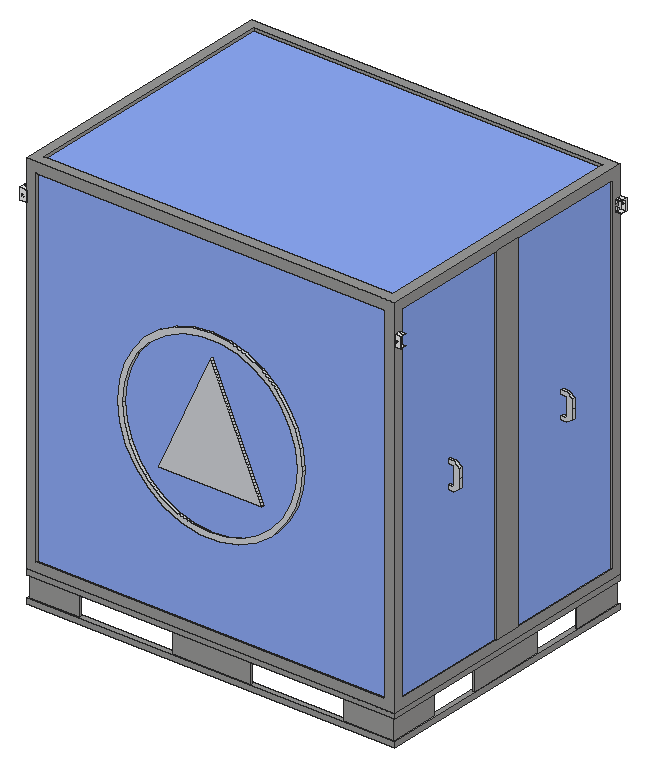
Revit family "2.1 Вентиляторы KORF ANR V2  REZ", category Оборудование, Revit 2016
Family settings
  Тип детали = Нормальный
  Размер круглого соединителя = Использовать диаметр
  На основе рабочей плоскости = Нет
  Всегда вертикально = Да
  При загрузке вырезать с полостями = Нет
  Общий = Нет
  Точка расчета площади = Нет
Parameters (values of type "ANR 12 V2.0.")
  привязка значка = Б / 2  # 717.5 mm
  значок [instance] = yes
  Ширина = Д - 75 mm  # 1025 mm
  Синий = Синий
  Середина = h + Б1 / 2  # 837.5 mm
  Д1 = Д - 20 mm  # 1080 mm
  Д = 1100 mm
  ножки(да/нет) [instance] = yes
  Высота = А - 75 mm  # 1360 mm
  Б1 = Б - 20 mm  # 1415 mm
  А1 = А - 20 mm  # 1415 mm
  А = 1435 mm
  высота ножек = 120 mm
  Б = 1435 mm
  Частотный преобразователь [instance] = no
  Частота вращения n, об/мин = ""
  Тип, марка, обозначение = "ANR 12 V2.0. REZ"
  Сила тока J, А = ""
  Регулятор расхода [instance] = no
  Раздел = "ОВ"
  Примечание = ""
  Позиция = ""
  Напряжение U,В = ""
  Наименование и тех.хар-ка = "Секция вентилятора c резервным двигателем короткая с назад загнутыми лопатками и выбросом вверх"
  Мощность двигателя N,Вт = ""
  Материал = RAL 0000 Серый металл
  Масса единицы = ""
  Код, оборудования = ""
  Ключевая пометка = "Вентиляция"
  Задание электрикам [instance] = no
  Задание автоматчикам [instance] = no
  Завод изготовитель = "KORF"  # constant formula
  Единица измерения = "шт."  # constant formula
  h = высота ножек + 10 mm  # 130 mm
Types (26, lengths in mm): name | привязка значка | Ширина | Середина | Д1 | Д | ножки(да/нет) | Высота | Б1 | А1 | А | Б | Тип, марка, обозначение | Наименование и тех.хар-ка | Материал
  ANR 6 V2.0. | 550 | 1025 | 670 | 1080 | 1100 | no | 1025 | 1080 | 1080 | 1100 | 1100 | "ANR 6 V2.0. REZ" | "Секция вентилятора c резервным двигателем короткая с назад загнутыми лопатками и выбросом вверх" | Сталь серая
  ANR 7 V2.0. | 660 | 1025 | 780 | 1080 | 1100 | no | 1025 | 1300 | 1080 | 1100 | 1320 | "ANR 7 V2.0. REZ" | "Секция вентилятора c резервным двигателем короткая с назад загнутыми лопатками и выбросом вверх" | Сталь серая
  ANR 8 V2.0. | 660 | 1025 | 780 | 1080 | 1100 | no | 1245 | 1300 | 1300 | 1320 | 1320 | "ANR 8 V2.0. REZ" | "Секция вентилятора c резервным двигателем короткая с назад загнутыми лопатками и выбросом вверх" | Сталь серая
  ANR 12 V2.0. | 717.5 | 1025 | 837.5 | 1080 | 1100 | yes | 1360 | 1415 | 1415 | 1435 | 1435 | "ANR 12 V2.0. REZ" | "Секция вентилятора c резервным двигателем короткая с назад загнутыми лопатками и выбросом вверх" | RAL 0000 Серый металл
  ANR 20 V2.0. | 830 | 1025 | 950 | 1080 | 1100 | yes | 1585 | 1640 | 1640 | 1660 | 1660 | "ANR 20 V2.0. REZ" | "Секция вентилятора c резервным двигателем короткая с назад загнутыми лопатками и выбросом вверх" | Сталь серая
  ANR 25 V2.0. | 1022.5 | 1025 | 1142.5 | 1080 | 1100 | yes | 1970 | 2025 | 2025 | 2045 | 2045 | "ANR 25 V2.0. REZ" | "Секция вентилятора c резервным двигателем короткая с назад загнутыми лопатками и выбросом вверх" | Сталь серая
  ANR 30 V2.1. | 1022.5 | 1550 | 1142.5 | 1605 | 1625 | no | 2410 | 2025 | 2465 | 2485 | 2045 | "ANR 30 V2.1. REZ" | "Секция вентилятора c резервным двигателем удлиненная кдлиненная с назад загнутыми лопатками и выбросом вверх" | Сталь серая
  ANR 35 V2.1. | 1242.5 | 2075 | 1362.5 | 2130 | 2150 | no | 2410 | 2465 | 2465 | 2485 | 2485 | "ANR 35 V2.1. REZ" | "Секция вентилятора c резервным двигателем удлиненная с назад загнутыми лопатками и выбросом вверх" | Сталь серая
  ANR 40 V2.1. | 1660 | 1550 | 1780 | 1605 | 1625 | no | 3245 | 3300 | 3300 | 3320 | 3320 | "ANR 40 V2.1. REZ" | "Секция вентилятора c резервным двигателем удлиненная с назад загнутыми лопатками и выбросом вверх" | Сталь серая
  ANR 45 V2.1. | 2045 | 1550 | 2165 | 1605 | 1625 | yes | 3245 | 4070 | 3300 | 3320 | 4090 | "ANR 45 V2.1. REZ" | "Секция вентилятора c резервным двигателем удлиненная с назад загнутыми лопатками и выбросом вверх" | Сталь серая
  ANR 6 V2.1. | 550 | 1550 | 670 | 1605 | 1625 | no | 1025 | 1080 | 1080 | 1100 | 1100 | "ANR 6 V2.1. REZ" | "Секция вентилятора c резервным двигателем удлиненная с назад загнутыми лопатками и выбросом вверх" | Сталь серая
  ANR 6 V2.2. | 550 | 1550 | 670 | 1605 | 1625 | no | 1025 | 1080 | 1080 | 1100 | 1100 | "ANR 6 V2.2. REZ" | "Секция вентилятора c резервным двигателем длинная с назад загнутыми лопатками и выбросом вверх" | Сталь серая
  ANR 7 V2.1. | 660 | 1550 | 780 | 1605 | 1625 | no | 1025 | 1300 | 1080 | 1100 | 1320 | "ANR 7 V2.1. REZ" | "Секция вентилятора c резервным двигателем удлиненная с назад загнутыми лопатками и выбросом вверх" | Сталь серая
  ANR 7 V2.2. | 660 | 1550 | 780 | 1605 | 1625 | no | 1025 | 1300 | 1080 | 1100 | 1320 | "ANR 7 V2.2. REZ" | "Секция вентилятора c резервным двигателем длинная с назад загнутыми лопатками и выбросом вверх" | Сталь серая
  ANR 8 V2.1. | 660 | 1550 | 780 | 1605 | 1625 | no | 1245 | 1300 | 1300 | 1320 | 1320 | "ANR 8 V2.1. REZ" | "Секция вентилятора c резервным двигателем удлиненная с назад загнутыми лопатками и выбросом вверх" | Сталь серая
  ANR 8 V2.2. | 660 | 1550 | 780 | 1605 | 1625 | no | 1245 | 1300 | 1300 | 1320 | 1320 | "ANR 8 V2.2. REZ" | "Секция вентилятора c резервным двигателем длинная с назад загнутыми лопатками и выбросом вверх" | Сталь серая
  ANR 12 V2.1. | 717.5 | 1550 | 837.5 | 1605 | 1625 | yes | 1360 | 1415 | 1415 | 1435 | 1435 | "ANR 12 V2.1. REZ" | "Секция вентилятора c резервным двигателем удлиненная с назад загнутыми лопатками и выбросом вверх" | Сталь серая
  ANR 12 V2.2. | 717.5 | 1550 | 837.5 | 1605 | 1625 | yes | 1360 | 1415 | 1415 | 1435 | 1435 | "ANR 12 V2.2. REZ" | "Секция вентилятора c резервным двигателем длинная с назад загнутыми лопатками и выбросом вверх" | Сталь серая
  ANR 20 V2.1. | 830 | 1550 | 950 | 1605 | 1625 | yes | 1585 | 1640 | 1640 | 1660 | 1660 | "ANR 20 V2.1. REZ" | "Секция вентилятора c резервным двигателем удлиненная с назад загнутыми лопатками и выбросом вверх" | Сталь серая
  ANR 20 V2.2. | 830 | 1550 | 950 | 1605 | 1625 | yes | 1585 | 1640 | 1640 | 1660 | 1660 | "ANR 20 V2.2. REZ" | "Секция вентилятора c резервным двигателем удлиненная с назад загнутыми лопатками и выбросом вверх" | Сталь серая
  ANR 25 V2.1. | 1022.5 | 1550 | 1142.5 | 1605 | 1625 | yes | 1970 | 2025 | 2025 | 2045 | 2045 | "ANR 25 V2.1. REZ" | "Секция вентилятора c резервным двигателем удлиненная с назад загнутыми лопатками и выбросом вверх" | Сталь серая
  ANR 25 V2.2. | 1022.5 | 1550 | 1142.5 | 1605 | 1625 | yes | 1970 | 2025 | 2025 | 2045 | 2045 | "ANR 25 V2.2. REZ" | "Секция вентилятора c резервным двигателем длинная с назад загнутыми лопатками и выбросом вверх" | Сталь серая
  ANR 30 V2.2. | 1022.5 | 1550 | 1142.5 | 1605 | 1625 | no | 2410 | 2025 | 2465 | 2485 | 2045 | "ANR 30 V2.2. REZ" | "Секция вентилятора c резервным двигателем длинная кдлиненная с назад загнутыми лопатками и выбросом вверх" | Сталь серая
  ANR 35 V2.2. | 1242.5 | 2075 | 1362.5 | 2130 | 2150 | no | 2410 | 2465 | 2465 | 2485 | 2485 | "ANR 35 V2.2. REZ" | "Секция вентилятора c резервным двигателем длинная с назад загнутыми лопатками и выбросом вверх" | Сталь серая
  ANR 40 V2.2. | 1660 | 1550 | 1780 | 1605 | 1625 | no | 3245 | 3300 | 3300 | 3320 | 3320 | "ANR 40 V2.2. REZ" | "Секция вентилятора c резервным двигателем длинная с назад загнутыми лопатками и выбросом вверх" | Сталь серая
  ANR 45 V2.2. | 2045 | 1550 | 2165 | 1605 | 1625 | yes | 3245 | 4070 | 3300 | 3320 | 4090 | "ANR 45 V2.2. REZ" | "Секция вентилятора c резервным двигателем длинная с назад загнутыми лопатками и выбросом вверх" | Сталь серая
Reference planes
  plane 1 "По центру (Вперед/Назад)": y = 0
  plane 2: z = 0
  plane 3 "По центру (Влево/Вправо)": x = 0
  plane 4: x = -707.5
  plane 5: x = 707.5
  plane 6: y = 540
  plane 7: y = -540
  plane 8: z = 1545
  plane 9: z = 130
  plane 10: y = -152
  plane 11: z = 837.5
  plane 12: y = 52.808
  plane 13: y = -52.808
  plane 14: y = 270
  plane 15: y = -270
  plane 16: z = 1445
  plane 17: x = 574.5
  plane 18: x = 757.5
  plane 19: y = -822.5
Forms (mm)
  Extrusion 1, solid, material "Синий" <- "Синий", detail levels fine
    sketch origin (0, 0, 50) x (1, 0, 0) y (0, 1, 0)
      loop
        line (-707.5, 540) -> (-707.5, -540) -> (707.5, -540) -> (707.5, 540) -> (-707.5, 540)
    from 80 to 1495
  Sweep 2, solid, material "RAL 0000 Серый металл" <- "Материал", detail levels fine
    path origin (707.5, -540, 50) x (-1, 0, 0) y (0, 0, -1)
      loop
        line (0, -1495) -> (1415, -1495) -> (1415, -80) -> (0, -80) -> (0, -1495)
    profile "Профиль уголок 10х10 : Профиль уголок 10х10" origin (0, -540, 1545) x (0, 0, -1) y (0, -1, 0)
      loop
        line (0, -27.5) -> (0, 0) -> (27.5, 0) -> (27.5, 10) -> (-10, 10) -> (-10, -27.5) -> (0, -27.5)
  Sweep 3, solid, material "RAL 0000 Серый металл" <- "Материал", detail levels fine
    path origin (-707.5, 540, 50) x (1, 0, 0) y (0, 0, -1)
      loop
        line (0, -1495) -> (1415, -1495) -> (1415, -80) -> (0, -80) -> (0, -1495)
    profile "Профиль уголок 10х10 : Профиль уголок 10х10" origin (0, 540, 1545) x (0, 0, -1) y (0, 1, 0)
      loop
        line (0, -27.5) -> (0, 0) -> (27.5, 0) -> (27.5, 10) -> (-10, 10) -> (-10, -27.5) -> (0, -27.5)
  Sweep 4, solid, material "RAL 0000 Серый металл" <- "Материал", detail levels fine
    path origin (707.5, 540, 50) x (0, -1, 0) y (0, 0, -1)
      loop
        line (0, -1495) -> (1080, -1495) -> (1080, -80) -> (0, -80) -> (0, -1495)
    profile "Профиль уголок 10х10 : Профиль уголок 10х10" origin (707.5, 0, 1545) x (0, 0, -1) y (1, 0, 0)
      loop
        line (0, -27.5) -> (0, 0) -> (27.5, 0) -> (27.5, 10) -> (-10, 10) -> (-10, -27.5) -> (0, -27.5)
  Sweep 5, solid, material "RAL 0000 Серый металл" <- "Материал", detail levels fine
    path origin (-707.5, -540, 50) x (0, 1, 0) y (0, 0, -1)
      loop
        line (0, -1495) -> (1080, -1495) -> (1080, -80) -> (0, -80) -> (0, -1495)
    profile "Профиль уголок 10х10 : Профиль уголок 10х10" origin (-707.5, 0, 1545) x (0, 0, -1) y (-1, 0, 0)
      loop
        line (0, -27.5) -> (0, 0) -> (27.5, 0) -> (27.5, 10) -> (-10, 10) -> (-10, -27.5) -> (0, -27.5)
  Extrusion 6, void, not visible
    sketch origin (-345, -245, 50) x (0, -1, 0) y (0, 0, -1)
      loop
        line (-477.965, -475) -> (-477.965, -450) -> (-528.913, -450) -> (-528.913, -475) -> (-477.965, -475)
    from -47.452 to 12
  Sweep 7, solid, material "RAL 0000 Серый металл" <- "Материал", detail levels fine
    path origin (0, 0, 0) x (1, 0, 0) y (0, 1, 0)
      loop
        line (-707.5, 540) -> (-707.5, -540) -> (707.5, -540) -> (707.5, 540) -> (-707.5, 540)
    profile "Семейство1 : Семейство1" origin (0, 540, 0) x (0, 1, 0) y (0, 0, 1)
      loop
        line (-10, 120) -> (-10, 100) -> (-3.38, 100) -> (-3.38, 20) -> (-10, 20) -> (-10, 0) -> (10, 0) -> (10, 20) -> (3.38, 20) -> (3.38, 100) -> (10, 100) -> (10, 120) -> (-10, 120)
  Extrusion 8, void
    sketch origin (0, 0, 0) x (1, 0, 0) y (0, 0, 1)
      loop
        line (152.369, 100) -> (152.369, 20) -> (516.298, 20) -> (516.298, 100) -> (152.369, 100)
      loop
        line (-152.369, 100) -> (-516.298, 100) -> (-516.298, 20) -> (-152.369, 20) -> (-152.369, 100)
    from -550 to 550
  Extrusion 9, void
    sketch origin (0, 0, 0) x (0, 1, 0) y (0, 0, 1)
      loop
        line (-152.418, 100) -> (-348.655, 100) -> (-348.655, 20) -> (-152.418, 20) -> (-152.418, 100)
      loop
        line (152.418, 100) -> (152.418, 20) -> (348.655, 20) -> (348.655, 100) -> (152.418, 100)
    from -717.5 to 1700
  Extrusion 10, solid, material "RAL 0000 Серый металл" <- "Материал", detail levels fine
    sketch origin (560, 0, 0) x (0, 1, 0) y (0, 0, 1)
      loop
        line (-52.808, 1517.5) -> (-52.808, 157.5) -> (52.808, 157.5) -> (52.808, 1517.5) -> (-52.808, 1517.5)
    from 157.5 to 147.5
  Extrusion 11, solid, not visible
    sketch origin (0, -525, 0) x (1, 0, 0) y (0, 0, 1)
      loop
        circle (0, 1780) r 460
      loop
        circle (0, 1780) r 445
      loop
        line (426.726, 1677.5) -> (0, 2222.516) -> (-426.726, 1677.5) -> (426.726, 1677.5)
      loop
        line (-419.172, 1682.5) -> (419.172, 1682.5) -> (0, 2219.031) -> (-419.172, 1682.5)
    from 822.5 to 802.5
Cuts and joins
  joined: Sweep 2, Sweep 3, Sweep 4, Sweep 5
  Extrusion 8, Extrusion 9 cuts Sweep 7
Lines and regions (mm)
  model lines, detail levels coarse
    curve 1: line (-717.5, 550, 0) -> (717.5, 550, 0)
    curve 2: line (-717.5, -550, 0) -> (-717.5, 550, 0)
    curve 3: line (717.5, -550, 0) -> (-717.5, -550, 0)
    curve 4: line (717.5, 550, 0) -> (717.5, -550, 0)
    curve 5: circle (0, 0, 0) r 270 normal (0, 0, 1)
    curve 6: line (0, -270, 0) -> (-177.772, 170, 0)
    curve 7: line (-177.772, 170, 0) -> (0, 170, 0)
    curve 8: line (0, -270, 0) -> (177.772, 170, 0)
    curve 9: line (177.772, 170, 0) -> (0, 170, 0)
  model lines, not visible, detail levels coarse
    curve 10: circle (0, 0, 0) r 270 normal (0, 0, 1)
    curve 11: line (0, -270, 0) -> (-177.772, 170, 0)
    curve 12: line (-177.772, 170, 0) -> (0, 170, 0)
    curve 13: line (0, -270, 0) -> (177.772, 170, 0)
    curve 14: line (177.772, 170, 0) -> (0, 170, 0)
  model lines, detail levels medium
    curve 15: line (0, 550, 1555) -> (0, -550, 1555)
    curve 16: line (0, 550, 100) -> (0, 550, 1555)
    curve 17: line (0, -550, 100) -> (0, 550, 100)
    curve 18: line (0, -550, 1555) -> (0, -550, 100)
  model lines, not visible
    curve 19: circle (0, 0, 670) r 420 normal (1, 0, 0)
    curve 20: line (0, 420, 670) -> (0, -210, 1033.731)
    curve 21: line (0, 420, 670) -> (0, -210, 306.269)
    curve 22: line (0, -210, 1033.731) -> (0, -210, 306.269)
Dimensions and locks
  equal spacing: plane 6, plane 1 "По центру (Вперед/Назад)", plane 7
  "Д1": plane 6 to plane 7
  equal spacing: plane 4, plane 3 "По центру (Влево/Вправо)", plane 5
  "А1": plane 4 to plane 5
  "h": plane 9 to level
  "Б1": plane 8 to plane 9
  cut or joined group of Sweep 2, Sweep 3, Sweep 4, Sweep 5 to level = 120 mm
  locked: plane 3 "По центру (Влево/Вправо)" to cut or joined group of Sweep 7, Extrusion 8, Extrusion 9 at 152.369
  locked: cut or joined group of Sweep 7, Extrusion 8, Extrusion 9 to plane 3 "По центру (Влево/Вправо)" at 152.369
  locked: plane 1 "По центру (Вперед/Назад)" to plane 10 at 152
  "Середина": plane 11 to level
  locked: plane 11 to nested 2 at 55.342
  equal spacing: Extrusion 10 sketch curve, plane 1 "По центру (Вперед/Назад)", Extrusion 10 sketch curve
  plane 13 to plane 1 "По центру (Вперед/Назад)" to plane 12 = 52.808 mm locked, 52.808 mm locked
  plane 15 to plane 1 "По центру (Вперед/Назад)" to plane 14 = 270 mm, 270 mm
  locked: plane 8 to plane 16 at 100
  Extrusion 10 to plane 17 = 133 mm
  locked: plane 18 to plane 5 at 50
  equal spacing: plane 1 "По центру (Вперед/Назад)", plane 15, plane 7
  equal spacing: plane 6, plane 14, plane 1 "По центру (Вперед/Назад)"
  plane 7 to plane 19 = 282.5 mm
  aligned and locked: level to plane 2
  aligned and locked: Extrusion 1 to plane 6
  aligned and locked: Extrusion 1 to plane 5
  aligned and locked: Extrusion 1 to plane 7
  aligned and locked: Extrusion 1 to plane 4
  aligned and locked: plane 8 to Extrusion 1
  aligned and locked: Extrusion 1 to plane 9
  aligned and locked: Sweep 4 sketch curve to Extrusion 1  (x2)
  aligned and locked: Sweep 5 sketch curve to Extrusion 1  (x2)
  aligned and locked: Sweep 7 sketch curve to Extrusion 1  (x4)
  aligned and locked: Sweep 7 to Extrusion 8
  aligned and locked: cut or joined group of Sweep 2, Sweep 3, Sweep 4, Sweep 5 to Extrusion 9
  aligned and locked: Extrusion 10 to cut or joined group of Sweep 2, Sweep 3, Sweep 4, Sweep 5  (x2)
  aligned and locked: Extrusion 10 to plane 12
  aligned and locked: Extrusion 10 to plane 13
  aligned and locked: nested 2 to plane 14  (x2)
  aligned and locked: nested 3 to plane 15
  aligned and locked: nested 4 to cut or joined group of Sweep 2, Sweep 3, Sweep 4, Sweep 5  (x2)
  aligned and locked: plane 16 to nested 4
  aligned and locked: nested 5 to plane 16
  aligned and locked: cut or joined group of Sweep 2, Sweep 3, Sweep 4, Sweep 5 to nested 5  (x2)
  aligned and locked: cut or joined group of Sweep 2, Sweep 3, Sweep 4, Sweep 5 to nested 4
  aligned and locked: cut or joined group of Sweep 2, Sweep 3, Sweep 4, Sweep 5 to nested 7
  aligned and locked: nested 6 to cut or joined group of Sweep 2, Sweep 3, Sweep 4, Sweep 5
  aligned and locked: plane 16 to nested 7
  aligned and locked: nested 6 to plane 16
  aligned and locked: nested 3 to nested 2
  aligned and locked: cut or joined group of Sweep 2, Sweep 3, Sweep 4, Sweep 5 to Extrusion 10
  aligned and locked: Extrusion 10 to Extrusion 1
  aligned and locked: nested 3 to plane 18
  aligned and locked: nested 2 to plane 18
  aligned and locked: nested 7 to cut or joined group of Sweep 2, Sweep 3, Sweep 4, Sweep 5
  aligned and locked: cut or joined group of Sweep 2, Sweep 3, Sweep 4, Sweep 5 to nested 6
  aligned and locked: plane 15 to nested 3
  aligned and locked: curve 1 to cut or joined group of Sweep 7, Extrusion 8, Extrusion 9
  aligned and locked: curve 2 to cut or joined group of Sweep 7, Extrusion 8, Extrusion 9
  aligned and locked: curve 3 to cut or joined group of Sweep 7, Extrusion 8, Extrusion 9
  aligned and locked: curve 4 to cut or joined group of Sweep 2, Sweep 3, Sweep 4, Sweep 5
  aligned and locked: curve 15 to cut or joined group of Sweep 2, Sweep 3, Sweep 4, Sweep 5
  aligned and locked: curve 16 to cut or joined group of Sweep 2, Sweep 3, Sweep 4, Sweep 5
  aligned and locked: cut or joined group of Sweep 7, Extrusion 8, Extrusion 9 to curve 17
  aligned and locked: curve 18 to cut or joined group of Sweep 2, Sweep 3, Sweep 4, Sweep 5
  aligned and locked: nested 8 to plane 6
  aligned and locked: nested 9 to nested 8
  aligned and locked: plane 11 to nested 9
  aligned and locked: plane 16 to nested 8
  aligned and locked: nested 9 to plane 7
Automatic sketch dimensions
  Extrusion 6 sketch curve to Extrusion 6 sketch curve = 50.949 mm
  Extrusion 6 sketch curve to Extrusion 6 sketch curve = 25 mm
  Extrusion 1 sketch curve to plane 4 = 0 mm
  Extrusion 1 sketch curve to plane 5 = 0 mm
  Extrusion 1 sketch curve to plane 7 = 0 mm
  Extrusion 1 sketch curve to plane 6 = 0 mm
  Sweep 2 sketch curve to Extrusion 1 = 0 mm  (x4)
  Sweep 3 sketch curve to Extrusion 1 = 0 mm  (x3)
  Extrusion 1 to Sweep 3 sketch curve = 0 mm
  Sweep 4 sketch curve to Extrusion 1 = 0 mm  (x2)
  Sweep 5 sketch curve to Extrusion 1 = 0 mm  (x2)
  Extrusion 8 sketch curve to plane 9 = 30 mm  (x2)
  plane 4 to Extrusion 8 sketch curve = 191.202 mm
  level to Extrusion 8 sketch curve = 20 mm  (x2)
  Extrusion 8 sketch curve to plane 3 "По центру (Влево/Вправо)" = 152.369 mm
  plane 3 "По центру (Влево/Вправо)" to Extrusion 8 sketch curve = 152.369 mm
  Extrusion 8 sketch curve to plane 5 = 191.202 mm
  Extrusion 9 sketch curve to plane 9 = 30 mm  (x2)
  plane 15 to Extrusion 9 sketch curve = 78.655 mm
  Extrusion 9 sketch curve to plane 10 = 0.418 mm
  Extrusion 9 sketch curve to plane 12 = 99.611 mm
  plane 14 to Extrusion 9 sketch curve = 78.655 mm
  level to Extrusion 9 sketch curve = 20 mm  (x2)
  Extrusion 10 sketch curve to plane 13 = 0 mm
  plane 9 to Extrusion 10 sketch curve = 27.5 mm
  Extrusion 10 sketch curve to plane 8 = 27.5 mm
  plane 6 to curve 17 = 10 mm
  plane 8 to curve 16 = 10 mm
  Extrusion 11 sketch curve to Extrusion 11 sketch curve = 0 mm  (x5)
  Extrusion 11 sketch curve to Extrusion 11 sketch curve = 7.554 mm  (x2)
  Extrusion 11 sketch curve to Extrusion 11 sketch curve = 439.031 mm
  Extrusion 11 sketch curve to Extrusion 11 sketch curve = 3.484 mm
  Extrusion 11 sketch curve to Extrusion 11 sketch curve = 419.172 mm  (x3)
  Extrusion 11 sketch curve to Extrusion 11 sketch curve = 5 mm
  Extrusion 11 sketch curve to Extrusion 11 sketch curve = 97.5 mm
  radius of Extrusion 11 sketch curve = 460 mm
  radius of Extrusion 11 sketch curve = 445 mm
Nested families
  nested 1: "крепление 15мм" at (-330, 229.965, 495), type "крепление 15мм", not visible
  nested 2: "Ручка" at (719.518, 280, 839.866), type "Ручка", detail levels fine
  nested 3: "Ручка" at (719.518, -280, 839.866), type "Ручка", detail levels fine
  nested 4: "крепеж" at (742, -550, 1400.175) x (-1, 0, 0) z (0, 0, 1), type "крепеж", detail levels fine
  nested 5: "крепеж" at (742, 550, 1400.175) x (-1, 0, 0) z (0, 0, 1), type "крепеж", detail levels fine
  nested 6: "крепеж" at (-742, -550, 1400.175), type "крепеж", detail levels fine
  nested 7: "крепеж" at (-742, 550, 1400.175), type "крепеж", detail levels fine
  nested 8: "УГО вентилятор (разрез выброс вверх)" at (0, 0, 30) x (0, 1, 0) z (0, 0, 1), длина <- "Д1", высота <- "Б1", type "УГО вентилятор (разрез выброс вверх)", detail levels medium
    with длина 1080 mm, высота 1415 mm, Ширина 0 mm
  nested 9: "Значок вентилятора" at (0, -540, 837.5), visible <- "значок", type "Значок вентилятора", detail levels fine
  nested 10: "Значок вентилятора" at (0, -560, 2165), visible <- "значок", type "Значок вентилятора", not visible, detail levels fine
Definition of nested family "крепление 15мм"
  Parameters (values of type "крепление 15мм")
    Материал крепления = none
  Reference planes
    plane 1 "По центру (Вперед/Назад)": y = 0
    plane 2: z = 0
    plane 3 "По центру (Влево/Вправо)": x = 0
  Forms (mm)
    Extrusion 1, solid, material <- "Материал крепления"
      sketch origin (0, 0, 0) x (1, 0, 0) y (0, 1, 0)
        loop
          line (-25, 0) -> (0, 0) -> (0, 18.31) -> (0, 25) -> (-3, 25) -> (-3, 3) -> (-25, 3) -> (-25, 0)
      from 0 to 30
    Extrusion 2, void
      sketch origin (0, 0, 0) x (1, 0, 0) y (0, 1, 0)
        loop
          line (-3, 3) -> (-3, 54.96) -> (-58, 54.96) -> (-58, 3) -> (-3, 3)
      from 0 to 15
  Cuts and joins
    Extrusion 2 cuts Extrusion 1
  Dimensions and locks
    Extrusion 1 sketch curve to Extrusion 1 sketch curve = 3 mm  (x2)
    Extrusion 1 sketch curve to Extrusion 1 sketch curve to plane 3 "По центру (Влево/Вправо)" = 25 mm, 0 mm
    Extrusion 1 sketch curve to Extrusion 1 sketch curve = 25 mm
    aligned and locked: level to plane 2
Definition of nested family "Ручка"
  Parameters (values of type "Ручка")
    материал ручки = none
  Reference planes
    plane 1 "По центру (Вперед/Назад)": y = 0
    plane 2: z = 0
    plane 3 "По центру (Влево/Вправо)": x = 0
    plane 4: x = -37.982
    plane 5: x = 37.982
  Forms (mm)
    Extrusion 1, solid, material <- "материал ручки", not visible
      sketch origin (-3.982, 0, -4.834) x (0, 0, 1) y (-1, 0, 0)
        loop
          line (-52.874, -42.815) -> (53.726, -42.815) -> (53.726, 8.783) -> (36.069, 34) -> (1.069, 34) -> (-36.069, 34) -> (-52.874, 10) -> (-52.874, -42.815)
      from 0 to 10
    Extrusion 2, void, not visible
      sketch origin (-3.982, 0, -4.834) x (0, 0, 1) y (-1, 0, 0)
        loop
          line (-37.219, -42.815) -> (37.781, -42.815) -> (37.781, 20.04) -> (-37.219, 20.04) -> (-37.219, -42.815)
      from 0 to 50
    Extrusion 3, solid, material <- "материал ручки"
      sketch origin (3.982, 0, -4.834) x (0, 0, 1) y (-1, 0, 0)
        loop
          line (-52.874, 42.815) -> (-52.874, -10) -> (-36.069, -34) -> (1.069, -34) -> (36.069, -34) -> (53.726, -8.783) -> (53.726, 42.815) -> (-52.874, 42.815)
      from 0 to 10
    Extrusion 4, void
      sketch origin (3.982, 0, -4.834) x (0, 0, 1) y (-1, 0, 0)
        loop
          line (-37.219, 42.815) -> (-37.219, -11.018) -> (37.781, -11.018) -> (37.781, 42.815) -> (-37.219, 42.815)
      from 0 to 50
  Cuts and joins
    Extrusion 4 cuts Extrusion 3
  Dimensions and locks
    aligned and locked: level to plane 2
Definition of nested family "крепеж"
  Parameters (values of type "крепеж")
    Материал крепежа = none
  Reference planes
    plane 1 "По центру (Вперед/Назад)": y = 0
    plane 2: z = 0
    plane 3 "По центру (Влево/Вправо)": x = 0
    plane 4: x = 24.5
    plane 5: z = 22.413
  Forms (mm)
    Extrusion 1, solid, material <- "Материал крепежа"
      sketch origin (0, 0, 0) x (0, 1, 0) y (0, 0, 1)
        loop
          line (0, 44.825) -> (-16.343, 44.825) -> (-24.468, 44.825) -> (-24.468, 42.95) -> (-1.968, 42.95) -> (-1.968, 1.657) -> (-24.468, 1.657) -> (-24.468, 0) -> (-16.343, 0) -> (0, 0) -> (0, 44.825)
      from 0 to 24.5
    Extrusion 2, void
      sketch origin (0.625, 0, -0.625) x (1, 0, 0) y (0, 0, 1)
        loop
          circle (11.121, 22.873) r 5
      from 0 to 250
    Extrusion 3, solid, material <- "Материал крепежа"
      sketch origin (0, 0, 0.175) x (1, 0, 0) y (0, 0, 1)
        loop
          line (24.5, 44.651) -> (22.651, 44.651) -> (22.651, -0.175) -> (24.5, -0.175) -> (24.5, 44.651)
      from 0 to 24.468
    Extrusion 4, void
      sketch origin (0, 0, 0) x (0, 1, 0) y (0, 0, 1)
        loop
          line (-24.468, 28.943) -> (-24.468, 15.882) -> (-9.468, 15.882) -> (-9.468, 28.943) -> (-24.468, 28.943)
      from 0 to 250
    Blend 5, solid
      base sketch origin (0, 0, 0) x (0, 1, 0) y (0, 0, 1)
        loop
          circle (-15.104, 36.823) r 4.161
      top sketch origin (0, 0, 0) x (0, 1, 0) y (0, 0, 1)
        loop
          circle (-15.104, 36.823) r 2.994
      from 22.651 to 19.241
    Blend 6, solid
      base sketch origin (0, 0, 44.825) x (0, 1, 0) y (0, 0, 1)
        loop
          circle (-15.104, -36.823) r 4.161
      top sketch origin (0, 0, 44.825) x (0, 1, 0) y (0, 0, 1)
        loop
          circle (-15.104, -36.823) r 2.994
      from 22.651 to 19.241
  Cuts and joins
    Extrusion 2, Extrusion 4 cuts Extrusion 1
    Extrusion 4 cuts Extrusion 3
    joined: Extrusion 1, Extrusion 3
  Dimensions and locks
    plane 3 "По центру (Влево/Вправо)" to plane 4 = 24.5 mm
    equal spacing: cut or joined group of Extrusion 1, Extrusion 2, Extrusion 3, Extrusion 4, plane 5, cut or joined group of Extrusion 1, Extrusion 2, Extrusion 3, Extrusion 4
    equal spacing: Extrusion 4 sketch curve, plane 5, Extrusion 4 sketch curve
    aligned and locked: level to plane 2
    aligned and locked: plane 4 to Extrusion 1
    aligned and locked: cut or joined group of Extrusion 1, Extrusion 2, Extrusion 3, Extrusion 4 to cut or joined group of Extrusion 1, Extrusion 2, Extrusion 3, Extrusion 4  (x3)
    aligned and locked: cut or joined group of Extrusion 1, Extrusion 2, Extrusion 3, Extrusion 4 to Blend 5
  Automatic sketch dimensions
    Extrusion 1 sketch curve to level = 0 mm
    Extrusion 1 sketch curve to plane 1 "По центру (Вперед/Назад)" = 0 mm
    plane 1 "По центру (Вперед/Назад)" to Extrusion 1 sketch curve = 1.968 mm
    Extrusion 1 sketch curve to Extrusion 1 sketch curve = 14.375 mm  (x2)
    level to Extrusion 1 sketch curve = 1.657 mm
    Extrusion 1 sketch curve to Extrusion 1 sketch curve = 8.125 mm  (x2)
    plane 5 to Extrusion 1 sketch curve = 20.538 mm
    Extrusion 1 sketch curve to Extrusion 1 sketch curve = 1.875 mm
    Extrusion 2 sketch curve to plane 5 = 0.165 mm
    plane 3 "По центру (Влево/Вправо)" to Extrusion 2 sketch curve = 11.746 mm
    Extrusion 3 sketch curve to level = 0 mm
    Extrusion 3 sketch curve to plane 4 = 0 mm
    Extrusion 3 sketch curve to Extrusion 3 sketch curve = 1.849 mm
    plane 5 to Extrusion 3 sketch curve = 22.413 mm
    Extrusion 4 sketch curve to plane 5 = 6.531 mm
    plane 1 "По центру (Вперед/Назад)" to Extrusion 4 sketch curve = 24.468 mm
    plane 1 "По центру (Вперед/Назад)" to Extrusion 4 sketch curve = 9.468 mm
    plane 1 "По центру (Вперед/Назад)" to Blend 5 sketch curve = 15.104 mm  (x2)
    plane 5 to Blend 5 sketch curve = 14.41 mm  (x2)
    Blend 6 sketch curve to plane 1 "По центру (Вперед/Назад)" = 15.104 mm  (x2)
    Blend 6 sketch curve to level = 8.002 mm  (x2)
    radius of Extrusion 2 sketch curve = 5 mm
    radius of Blend 5 sketch curve = 4.161 mm
    radius of Blend 5 sketch curve = 2.994 mm
    radius of Blend 6 sketch curve = 4.161 mm
    radius of Blend 6 sketch curve = 2.994 mm
Definition of nested family "Значок вентилятора"
  Reference planes
    plane 1 "По центру (Вперед/Назад)": y = 0
    plane 2: z = 0
    plane 3 "По центру (Влево/Вправо)": x = 0
  Forms (mm)
    Extrusion 1, solid
      sketch origin (0, 0, 0) x (1, 0, 0) y (0, 0, 1)
        loop
          circle (0, 0) r 360
        loop
          circle (0, 0) r 340
        loop
          line (0, 270) -> (-199.301, -177.637) -> (199.301, -177.637) -> (0, 270)
      from 0 to 10
  Lines and regions (mm)
    model lines
      curve 1: line (180, 0, 0) -> (-215, 0, 0)
      curve 2: line (0, 0, -110) -> (0, 0, 65)
  Dimensions and locks
    aligned and locked: level to plane 2
Definition of nested family "УГО вентилятор (разрез выброс вверх)"
  Parameters (values of type "УГО вентилятор (разрез выброс вверх)")
    длина [instance] = 750 mm
    высота [instance] = 410 mm
    Ширина [instance] = 410 mm
    Частота вращения n, об/мин = ""
    Тип, марка, обозначение = ""
    Сила тока J, А = ""
    Раздел = ""
    Примечание = ""
    Позиция = ""
    Default Elevation = 1219.2 mm
    Напряжение U,В = ""
    Наименование и тех.хар-ка = ""
    Мощность двигателя N,Вт = ""
    Материал = none
    Масса единицы = ""
    Код, оборудования = ""
    Keynote = ""
    Завод изготовитель = ""
    Единица измерения = ""
    Диаметр = 110 mm
  Reference planes
    plane 1 "По центру (Вперед/Назад)": y = 0
    plane 2: z = 0
    plane 3 "По центру (Влево/Вправо)": x = 0
    plane 4: z = 410
    plane 5: x = 375
    plane 6: x = -375
    plane 7: z = 205
  Lines and regions (mm)
    model lines
      curve 1: circle (0, 0, 205) r 110 normal (0, -1, 0)
      curve 2: line (0, 0, 315) -> (-96.309, 0, 151.854)
      curve 3: line (0, 0, 315) -> (96.309, 0, 151.854)
      curve 4: line (-375, 0, 0) -> (375, 0, 0)
      curve 5: line (-375, 0, 410) -> (-375, 0, 0)
      curve 6: line (375, 0, 410) -> (-375, 0, 410)
      curve 7: line (375, 0, 0) -> (375, 0, 410)
      curve 8: line (-96.309, 0, 151.854) -> (96.309, 0, 151.854)
  Dimensions and locks
    equal spacing: plane 5, plane 3 "По центру (Влево/Вправо)", plane 6
    "длина": plane 5 to plane 6
    "высота": plane 4 to level
    equal spacing: plane 4, plane 7, plane 2
    radius of curve 1 = 110 mm
    aligned and locked: level to plane 2
  Automatic sketch dimensions
    curve 5 to plane 4 = 0 mm
    curve 5 to plane 6 = 0 mm
    curve 1 to plane 3 "По центру (Влево/Вправо)" = 0 mm
    curve 2 to plane 3 "По центру (Влево/Вправо)" = 0 mm
    curve 7 to plane 5 = 0 mm
    curve 4 to level = 0 mm
    curve 1 to plane 7 = 0 mm
    curve 2 to plane 7 = 53.146 mm
    curve 8 to curve 2 = 0 mm
    curve 3 to plane 7 = 53.146 mm
